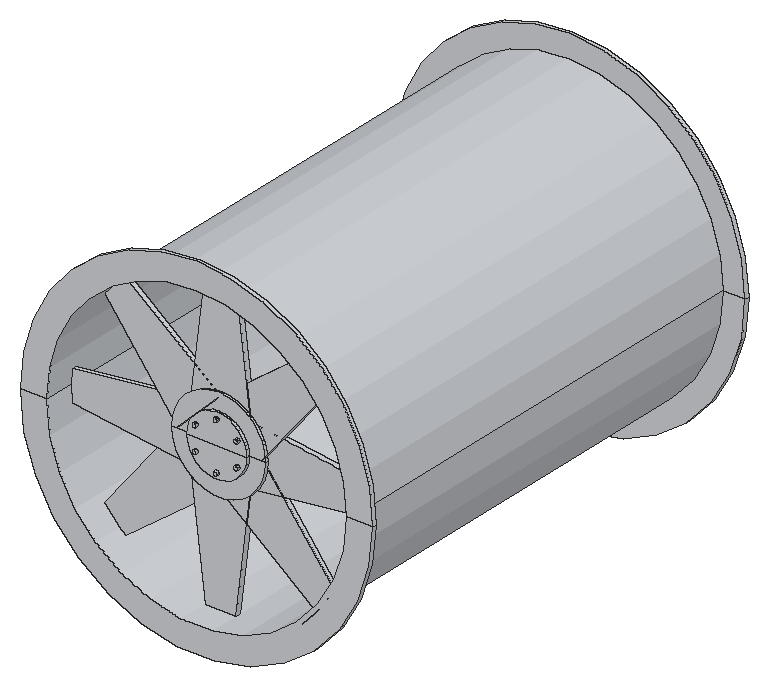
Revit family "CADS_Vent-Axia_MechEquip_Fan_BIFA_400_1Ph4P - SUPPLY", category Mechanical Equipment, Revit 2020
Family settings
  Round Connector Dimension = Use Diameter
  Part Type = Normal
  OmniClass Number = 23.75.00.00
  OmniClass Title = Climate Control (HVAC)
  Work Plane-Based = No
  Always vertical = Yes
  Cut with Voids When Loaded = No
  Shared = No
  Room Calculation Point = No
Parameters (values of type "BIFA401440")
  WorkingPressure = 0.0 Pa
  WarrantyStartDate [instance] = "1900-12-31T23:59:59"
  WarrantyPeriod = ""
  WarrantyIdentifier = "N/A"
  WarrantyGuarantorParts = "tech@vent-axia.com"
  WarrantyGuarantorLabor = "tech@vent-axia.com"
  WarrantyGuarantor = "Vent-Axia Limited"
  WarrantyEndDate [instance] = "1900-12-31T23:59:59"
  WarrantyContent = ""
  TemperatureRange = ""
  TagNumber [instance] = "N/A"
  SustainabilityPerformance = ""
  Status = "New"
  Size = ""
  Shape = ""
  ServiceLifeType = ""
  ServiceLifeDuration = ""
  SerialNumber [instance] = "N/A"
  ReplacementCost = ""
  RatedVoltage = 0 V
  RatedCurrent = 0 A
  Quantity = 1
  ProductionYear = ""
  PressureCurve = ""
  PowerFactor = ""
  PointOfContact = ""
  NumberOfPoles = 0
  NominalWidth = 400 mm
  NominalLength = 625 mm
  NominalHeight = 400 mm
  NominalFrequencyRange = ""
  NominalDiameter = 400 mm
  ModelReference = "BIF 400MM 1PH 4P 40DEG"
  ModelNumber = "BIFA401440"
  Material = ""
  ManufacturerE-Mail = "tech@vent-axia.com"
  ManufacturerAddress = "Fleming Way\nCrawley \nRH10 9YX"
  IsExtendedWarranty = no
  InsulationStandardClass = ""
  InstallationDate [instance] = "1900-12-31T23:59:59"
  IfcExportType [instance] = ""
  IfcExportAs = "IfcFanType"
  IP_Code = ""
  HasProtectiveEarth = no
  GrossWeight = 0.00 kg
  Grade = ""
  GlobalTradeItemNumber [instance] = "N/A"
  Fitting Type = "Ignore"
  Finish = ""
  Features = ""
  ExteriorInsulation = no
  ExpectedServiceLife = 0
  Exclusions = ""
  DurationUnit = "Year"
  Default Elevation = 0 mm
  Constituents = ""
  ConductorFunction = ""
  Color = ""
  CodePerformance = ""
  Category = ""
  CADS_Usage = 0
  CADS_Index = 0
  AssetType = "FIXED"
  AssetIdentifier [instance] = "N/A"
  AssemblyPlace = "UNKNOWN"
  ArticleNumber [instance] = "N/A"
  AirflowRateRange = 0.0 L/s
  Air Flow [instance] = 0.0 L/s
  AccessibilityPerformance = ""
Types (16, lengths in mm): name | ModelReference | ModelNumber
  BIFA401410 | "BIF 400MM 1PH 4P 10DEG" | "BIFA401410"
  BIFA401412 | "BIF 400MM 1PH 4P 12DEG" | "BIFA401412"
  BIFA401414 | "BIF 400MM 1PH 4P 14DEG" | "BIFA401414"
  BIFA401416 | "BIF 400MM 1PH 4P 16DEG" | "BIFA401416"
  BIFA401418 | "BIF 400MM 1PH 4P 18DEG" | "BIFA401418"
  BIFA401420 | "BIF 400MM 1PH 4P 20DEG" | "BIFA401420"
  BIFA401422 | "BIF 400MM 1PH 4P 22DEG" | "BIFA401422"
  BIFA401424 | "BIF 400MM 1PH 4P 24DEG" | "BIFA401424"
  BIFA401426 | "BIF 400MM 1PH 4P 26DEG" | "BIFA401426"
  BIFA401428 | "BIF 400MM 1PH 4P 28DEG" | "BIFA401428"
  BIFA401430 | "BIF 400MM 1PH 4P 30DEG" | "BIFA401430"
  BIFA401432 | "BIF 400MM 1PH 4P 32DEG" | "BIFA401432"
  BIFA401434 | "BIF 400MM 1PH 4P 34DEG" | "BIFA401434"
  BIFA401436 | "BIF 400MM 1PH 4P 36DEG" | "BIFA401436"
  BIFA401438 | "BIF 400MM 1PH 4P 38DEG" | "BIFA401438"
  BIFA401440 | "BIF 400MM 1PH 4P 40DEG" | "BIFA401440"
Reference planes
  plane 1 "Center (Front/Back)": y = 0
  plane 2: z = 0
  plane 3 "Center (Left/Right)": x = 0
  plane 4: x = -200
  plane 5: x = 200
  plane 6 "F": y = -312.5
  plane 7 "B": y = 312.5
  plane 8: x = -235
  plane 9: y = 307.5
  plane 10: y = -307.5
  plane 11: x = -205
  plane 12: y = -272.5
Forms (mm)
  Revolve 1, solid
    sketch origin (0, 0, 0) x (1, 0, 0) y (0, 1, 0)
      loop
        line (-235, -312.5) -> (-200, -312.5) -> (-200, 312.5) -> (-235, 312.5) -> (-235, 307.5) -> (-205, 307.5) -> (-205, -307.5) -> (-235, -307.5) -> (-235, -312.5)
      axis (0, 312.5) -> (0, -312.5)
    angle from 0 to 360
Dimensions and locks
  equal spacing: plane 4, plane 3 "Center (Left/Right)", plane 5
  equal spacing: plane 7 "B", plane 1 "Center (Front/Back)", plane 6 "F"
  "NominalLength": plane 7 "B" to plane 6 "F"
  "NominalDiameter": plane 4 to plane 5
  locked: plane 11 to plane 4 at 5
  locked: plane 8 to plane 11 at 30
  locked: plane 6 "F" to plane 10 at 5
  locked: plane 7 "B" to plane 9 at 5
  locked: plane 6 "F" to plane 12 at 40
  aligned and locked: level to plane 2
  aligned and locked: nested 1 to plane 12
Automatic sketch dimensions
  plane 6 "F" to Revolve 1 sketch curve = 0 mm
  Revolve 1 sketch curve to plane 8 = 0 mm  (x2)
  plane 10 to Revolve 1 sketch curve = 0 mm
  Revolve 1 sketch curve to plane 11 = 0 mm
  Revolve 1 sketch curve to plane 4 = 0 mm
  Revolve 1 sketch curve to plane 3 "Center (Left/Right)" = 0 mm
  plane 1 "Center (Front/Back)" to Revolve 1 sketch curve = 0 mm
  Revolve 1 sketch curve to plane 9 = 0 mm
  Revolve 1 sketch curve to plane 7 "B" = 0 mm
  plane 6 "F" to Revolve 1 sketch curve = 115 mm
Nested families
  nested 1: "Fan for BIFA" at (0, -272.5, 0), ND <- "NominalDiameter", type "Fan for BIFA"
    with hub 40 mm, ND 400 mm, BoltPCD 32 mm, Bolt Count 6, B_Diam 5 mm
  nested 2: "Bolts" at (27.713, -281.672, -16) x (-0.5, 0, -0.866) z (0, 1, 0), type "Bolts"
    with bd 5 mm
  nested 3: "Bolts" at (0, -281.672, -32) x (-1, 0, 0) z (0, 1, 0), type "Bolts"
    with bd 5 mm
  nested 4: "Bolts" at (-27.713, -281.672, -16) x (-0.5, 0, 0.866) z (0, 1, 0), type "Bolts"
    with bd 5 mm
  nested 5: "Bolts" at (-27.713, -281.672, 16) x (0.5, 0, 0.866) z (0, 1, 0), type "Bolts"
    with bd 5 mm
  nested 6: "Bolts" at (27.713, -281.672, 16) x (0.5, 0, -0.866) z (0, 1, 0), type "Bolts"
    with bd 5 mm
  nested 7: "Bolts" at (0, -281.672, 32) x (1, 0, 0) z (0, 1, 0), type "Bolts"
    with bd 5 mm
  nested 8: "BIFA Blade" at (0, -272.5, 0), type "BIFA Blade"
    with a 20.00°, HR 40 mm, HD 80 mm, BT 40 mm, BR 160 mm, BH 40 mm, BD 400 mm, BB 80 mm
  nested 9: "BIFA Blade" at (0, -272.5, 0) x (0.7071, 0, -0.7071) z (0.7071, 0, 0.7071), type "BIFA Blade"
    with a 20.00°, HR 40 mm, HD 80 mm, BT 40 mm, BR 160 mm, BH 40 mm, BD 400 mm, BB 80 mm
  nested 10: "BIFA Blade" at (0, -272.5, 0) x (0, 0, -1) z (1, 0, 0), type "BIFA Blade"
    with a 20.00°, HR 40 mm, HD 80 mm, BT 40 mm, BR 160 mm, BH 40 mm, BD 400 mm, BB 80 mm
  nested 11: "BIFA Blade" at (0, -272.5, 0) x (-0.7071, 0, -0.7071) z (0.7071, 0, -0.7071), type "BIFA Blade"
    with a 20.00°, HR 40 mm, HD 80 mm, BT 40 mm, BR 160 mm, BH 40 mm, BD 400 mm, BB 80 mm
  nested 12: "BIFA Blade" at (0, -272.5, 0) x (-1, 0, 0) z (0, 0, -1), type "BIFA Blade"
    with a 20.00°, HR 40 mm, HD 80 mm, BT 40 mm, BR 160 mm, BH 40 mm, BD 400 mm, BB 80 mm
  nested 13: "BIFA Blade" at (0, -272.5, 0) x (-0.7071, 0, -0.7071) z (-0.7071, 0, 0.7071), type "BIFA Blade"
    with a 20.00°, HR 40 mm, HD 80 mm, BT 40 mm, BR 160 mm, BH 40 mm, BD 400 mm, BB 80 mm
  nested 14: "BIFA Blade" at (0, -272.5, 0) x (0, 0, -1) z (-1, 0, 0), type "BIFA Blade"
    with a 20.00°, HR 40 mm, HD 80 mm, BT 40 mm, BR 160 mm, BH 40 mm, BD 400 mm, BB 80 mm
  nested 15: "BIFA Blade" at (0, -272.5, 0) x (0.7071, 0, -0.7071) z (-0.7071, 0, -0.7071), type "BIFA Blade"
    with a 20.00°, HR 40 mm, HD 80 mm, BT 40 mm, BR 160 mm, BH 40 mm, BD 400 mm, BB 80 mm
Connectors
  hvac at (0, -312.5, 0), driven by "NominalDiameter", driven by "Air Flow"
    settings: on Revolve 1, index 1, duct flow 0.0 L/s, flow factor 0, pres drop 0.0 Pa, loss coef 0, conn angle 0.00°, conn width 304.8 mm, conn height 304.8 mm, conn diameter 400 mm, duct sys type 1, conn prof type 0, flow config 1, flow direction 1, loss method 0, conn ref index -1, conn util no, is conn primary yes, conn desc ""
  hvac at (0, 312.5, 0), driven by "NominalDiameter", driven by "Air Flow"
    settings: on Revolve 1, index 2, duct flow 0.0 L/s, flow factor 0, pres drop 0.0 Pa, loss coef 0, conn angle 0.00°, conn width 304.8 mm, conn height 304.8 mm, conn diameter 400 mm, duct sys type 1, conn prof type 0, flow config 0, flow direction 2, loss method 0, conn ref index -1, conn util no, is conn primary no, conn desc ""
Definition of nested family "Fan for BIFA"
  Parameters (values of type "Fan for BIFA")
    hub [instance] = ND / 10  # 50 mm
    ND [instance] = 500 mm
    Model = "."
    Default Elevation = 0 mm
    BoltPCD [instance] = hub - (hub * 0.2)  # 40 mm
    Bolt Count [instance] = if(hub < 50 mm, 6, 8)  # 8
    B_Diam [instance] = if(hub < 50 mm, 5 mm, 10 mm)  # 10 mm
  Reference planes
    plane 1 "Center (Front/Back)": y = 0
    plane 2: z = 0
    plane 3 "Center (Left/Right)": x = 0
    plane 4 "back": y = 20
    plane 5 "bolts": y = -9.172
    plane 6 "B": z = 50
    plane 7: x = -72.587
    plane 8: x = -50
    plane 9 "hubface": y = -6.172
  Forms (mm)
    Revolve 1, solid
      sketch origin (0, 0, 0) x (1, 0, 0) y (0, 1, 0)
        loop
          line (0, 20) -> (-50, 20) -> (-50, 10.504) -> (-72.587, 10.504) -> (-72.587, -2.597) -> (-50, -2.597) -> (-50, -6.172) -> (0, -6.172) -> (0, 20)
        axis (0, 20) -> (0, -6.172)
      angle from 0 to 360
    Extrusion 2, solid, not visible
      sketch origin (0, -6.347, -4) x (-1, 0, 0) y (0, 0, 1)
        loop
          circle (0, 84) r 5
      from 0 to 3
  Lines and regions (mm)
    symbolic lines
      curve 1: circle (0, -9.172, 0) r 40 normal (0, 1, 0)
    model lines, not visible
      curve 2: line (0, -6.347, 85) -> (0, -6.347, 75)
  Dimensions and locks
    "hub": plane 6 "B" to plane 2
    "hub": nested 3 to plane 3 "Center (Left/Right)"
    "hub": nested 4 to plane 3 "Center (Left/Right)"
    "hub": nested 5 to plane 3 "Center (Left/Right)"
    "hub": plane 3 "Center (Left/Right)" to nested 6
    "hub": Revolve 1 sketch curve to Revolve 1 sketch curve
    "hub": plane 3 "Center (Left/Right)" to nested 7
    "hub": plane 3 "Center (Left/Right)" to nested 8
    "hub": plane 3 "Center (Left/Right)" to nested 9
    "hub": plane 8 to plane 3 "Center (Left/Right)"
    plane 7 to plane 8 = 22.587 mm
    diameter of Extrusion 2 sketch curve = 10 mm
    "BoltPCD": radius of curve 1
    "BoltPCD": radius of radial array
    aligned and locked: level to plane 2
    aligned and locked: plane 6 "B" to nested 1
  Automatic sketch dimensions
    Revolve 1 sketch curve to plane 7 = 0 mm
    Revolve 1 sketch curve to plane 8 = 0 mm  (x2)
    Revolve 1 sketch curve to plane 3 "Center (Left/Right)" = 0 mm
    Revolve 1 sketch curve to plane 9 "hubface" = 0 mm
    plane 4 "back" to Revolve 1 sketch curve = 0 mm
    plane 1 "Center (Front/Back)" to Revolve 1 sketch curve = 2.597 mm
    plane 4 "back" to Revolve 1 sketch curve = 9.496 mm
    plane 4 "back" to Revolve 1 sketch curve = 5 mm
    Revolve 1 sketch curve to Revolve 1 sketch curve = 45 mm
    curve 1 to level = 0 mm
    curve 1 to plane 3 "Center (Left/Right)" = 0 mm
  Nested families
    nested 1: "BIFA Blade" at (0, 0, 25), BD <- "ND", HD <- "hub", type "BIFA Blade"
      with a 20.00°, HR 25 mm, HD 50 mm, BT 25 mm, BR 100 mm, BH 40 mm, BD 250 mm, BB 50 mm
    nested 2: "BIFA Blade" at (0, 0, 55), BD <- "ND", HD <- "hub", type "BIFA Blade", not visible
      with a 20.00°, HR 25 mm, HD 50 mm, BT 25 mm, BR 100 mm, BH 40 mm, BD 250 mm, BB 50 mm
    nested 3: "BIFA Blade" at (17.678, 0, 17.678) x (0.7071, 0, -0.7071) z (0.7071, 0, 0.7071), BD <- "ND", HD <- "hub", type "BIFA Blade"
      with a 20.00°, HR 25 mm, HD 50 mm, BT 25 mm, BR 100 mm, BH 40 mm, BD 250 mm, BB 50 mm
    nested 4: "BIFA Blade" at (25, 0, 0) x (0, 0, -1) z (1, 0, 0), BD <- "ND", HD <- "hub", type "BIFA Blade"
      with a 20.00°, HR 25 mm, HD 50 mm, BT 25 mm, BR 100 mm, BH 40 mm, BD 250 mm, BB 50 mm
    nested 5: "BIFA Blade" at (17.678, 0, -17.678) x (-0.7071, 0, -0.7071) z (0.7071, 0, -0.7071), BD <- "ND", HD <- "hub", type "BIFA Blade"
      with a 20.00°, HR 25 mm, HD 50 mm, BT 25 mm, BR 100 mm, BH 40 mm, BD 250 mm, BB 50 mm
    nested 6: "BIFA Blade" at (0, 0, -25) x (-1, 0, 0) z (0, 0, -1), BD <- "ND", HD <- "hub", type "BIFA Blade"
      with a 20.00°, HR 25 mm, HD 50 mm, BT 25 mm, BR 100 mm, BH 40 mm, BD 250 mm, BB 50 mm
    nested 7: "BIFA Blade" at (-17.678, 0, 17.678) x (-0.7071, 0, -0.7071) z (-0.7071, 0, 0.7071), BD <- "ND", HD <- "hub", type "BIFA Blade"
      with a 20.00°, HR 25 mm, HD 50 mm, BT 25 mm, BR 100 mm, BH 40 mm, BD 250 mm, BB 50 mm
    nested 8: "BIFA Blade" at (-25, 0, 0) x (0, 0, -1) z (-1, 0, 0), BD <- "ND", HD <- "hub", type "BIFA Blade"
      with a 20.00°, HR 25 mm, HD 50 mm, BT 25 mm, BR 100 mm, BH 40 mm, BD 250 mm, BB 50 mm
    nested 9: "BIFA Blade" at (-17.678, 0, -17.678) x (0.7071, 0, -0.7071) z (-0.7071, 0, -0.7071), BD <- "ND", HD <- "hub", type "BIFA Blade"
      with a 20.00°, HR 25 mm, HD 50 mm, BT 25 mm, BR 100 mm, BH 40 mm, BD 250 mm, BB 50 mm
    nested 10: "Bolts" at (0, -9.172, 40) x (1, 0, 0) z (0, 1, 0), bd <- "B_Diam", type "Bolts"
      with bd 10 mm
    nested 11: "Bolts" at (28.284, -9.172, 28.284) x (0.7071, 0, -0.7071) z (0, 1, 0), bd <- "B_Diam", type "Bolts"
      with bd 10 mm
    nested 12: "Bolts" at (-28.284, -9.172, 28.284) x (0.7071, 0, 0.7071) z (0, 1, 0), bd <- "B_Diam", type "Bolts"
      with bd 10 mm
    nested 13: "Bolts" at (-40, -9.172, 0) x (0, 0, 1) z (0, 1, 0), bd <- "B_Diam", type "Bolts"
      with bd 10 mm
    nested 14: "Bolts" at (-28.284, -9.172, -28.284) x (-0.7071, 0, 0.7071) z (0, 1, 0), bd <- "B_Diam", type "Bolts"
      with bd 10 mm
    nested 15: "Bolts" at (0, -9.172, -40) x (-1, 0, 0) z (0, 1, 0), bd <- "B_Diam", type "Bolts"
      with bd 10 mm
    nested 16: "Bolts" at (28.284, -9.172, -28.284) x (-0.7071, 0, -0.7071) z (0, 1, 0), bd <- "B_Diam", type "Bolts"
      with bd 10 mm
    nested 17: "Bolts" at (40, -9.172, 0) x (0, 0, -1) z (0, 1, 0), bd <- "B_Diam", type "Bolts"
      with bd 10 mm
  Definition of nested family "BIFA Blade"
    Parameters (values of type "BIFA Blade")
      a [instance] = 20.00°
      HR [instance] = HD / 2  # 30 mm
      HD [instance] = BD / 5  # 60 mm
      Default Elevation = 1219.2 mm
      BT [instance] = BD / 10  # 30 mm
      BR [instance] = (BD / 2) - HR  # 120 mm
      BH [instance] = 40 mm
      BD [instance] = 300 mm
      BB [instance] = BD / 5  # 60 mm
    Reference planes
      plane 1 "Center (Front/Back)": y = 0
      plane 2: z = 0
      plane 3 "Center (Left/Right)": x = 0
      plane 4 "Blade Bot": z = 30
      plane 5: x = -30
      plane 6: x = 30
      plane 7: x = -15
      plane 8: x = 15
    Forms (mm)
      Blend 1, solid
        base sketch origin (0, 0, 30) x (-1, 0, 0) y (0, -1, 0)
          loop
            line (30, 0) -> (-30, 0) -> (-30, -6) -> (30, -6) -> (30, 0)
        top sketch origin (0, 0, 30) x (-1, 0, 0) y (0, -1, 0)
          loop
            line (15, -6) -> (15, 0) -> (-15, 0) -> (-15, -6) -> (15, -6)
        from 0 to 120 <- "BR"
    Dimensions and locks
      "HR": plane 4 "Blade Bot" to level
      equal spacing: plane 8, plane 3 "Center (Left/Right)", plane 7
      "BT": plane 8 to plane 7
      equal spacing: plane 6, plane 3 "Center (Left/Right)", plane 5
      "BB": plane 6 to plane 5
      aligned and locked: level to plane 2
    Automatic sketch dimensions
      plane 1 "Center (Front/Back)" to Blend 1 sketch curve = 0 mm  (x2)
      Blend 1 sketch curve to plane 6 = 0 mm
      Blend 1 sketch curve to plane 5 = 0 mm
      Blend 1 sketch curve to plane 1 "Center (Front/Back)" = 6 mm  (x2)
      Blend 1 sketch curve to plane 8 = 0 mm
      Blend 1 sketch curve to plane 7 = 0 mm
  Definition of nested family "Bolts"
    Parameters
      bd [instance] = 10 mm
      Default Elevation = 1219.2 mm
    Reference planes
      plane 1 "Center (Front/Back)": y = 0
      plane 2: z = 0
      plane 3 "Center (Left/Right)": x = 0
    Forms (mm)
      Extrusion 1, solid
        sketch origin (0, 0, 0) x (1, 0, 0) y (0, 1, 0)
          loop
            line (-1219.2, 1219.2) -> (-1219.2, -1219.2) -> (1219.2, -1219.2) -> (1219.2, 1219.2) -> (-1219.2, 1219.2)
        from 0 to -304.8
      Extrusion 2, solid
        sketch origin (0, 0, 0) x (1, 0, 0) y (0, 1, 0)
          loop
            circle (0, 0) r 5
        from 0 to 3
    Dimensions and locks
      "bd": diameter of Extrusion 2 sketch curve
      aligned and locked: plane 2 to Extrusion 1
      aligned and locked: level to Extrusion 1
    Automatic sketch dimensions
      Extrusion 1 sketch curve to Extrusion 1 sketch curve = 2438.4 mm  (x2)
      plane 1 "Center (Front/Back)" to Extrusion 2 sketch curve = 0 mm
      Extrusion 2 sketch curve to plane 3 "Center (Left/Right)" = 0 mm
Definition of nested family "Bolts"
  Parameters
    bd [instance] = 10 mm
    Default Elevation = 1219.2 mm
  Reference planes
    plane 1 "Center (Front/Back)": y = 0
    plane 2: z = 0
    plane 3 "Center (Left/Right)": x = 0
  Forms (mm)
    Extrusion 1, solid
      sketch origin (0, 0, 0) x (1, 0, 0) y (0, 1, 0)
        loop
          line (-1219.2, 1219.2) -> (-1219.2, -1219.2) -> (1219.2, -1219.2) -> (1219.2, 1219.2) -> (-1219.2, 1219.2)
      from 0 to -304.8
    Extrusion 2, solid
      sketch origin (0, 0, 0) x (1, 0, 0) y (0, 1, 0)
        loop
          circle (0, 0) r 5
      from 0 to 3
  Dimensions and locks
    "bd": diameter of Extrusion 2 sketch curve
    aligned and locked: plane 2 to Extrusion 1
    aligned and locked: level to Extrusion 1
  Automatic sketch dimensions
    Extrusion 1 sketch curve to Extrusion 1 sketch curve = 2438.4 mm  (x2)
    plane 1 "Center (Front/Back)" to Extrusion 2 sketch curve = 0 mm
    Extrusion 2 sketch curve to plane 3 "Center (Left/Right)" = 0 mm
Definition of nested family "BIFA Blade"
  Parameters (values of type "BIFA Blade")
    a [instance] = 20.00°
    HR [instance] = HD / 2  # 30 mm
    HD [instance] = BD / 5  # 60 mm
    Default Elevation = 1219.2 mm
    BT [instance] = BD / 10  # 30 mm
    BR [instance] = (BD / 2) - HR  # 120 mm
    BH [instance] = 40 mm
    BD [instance] = 300 mm
    BB [instance] = BD / 5  # 60 mm
  Reference planes
    plane 1 "Center (Front/Back)": y = 0
    plane 2: z = 0
    plane 3 "Center (Left/Right)": x = 0
    plane 4 "Blade Bot": z = 30
    plane 5: x = -30
    plane 6: x = 30
    plane 7: x = -15
    plane 8: x = 15
  Forms (mm)
    Blend 1, solid
      base sketch origin (0, 0, 30) x (-1, 0, 0) y (0, -1, 0)
        loop
          line (30, 0) -> (-30, 0) -> (-30, -6) -> (30, -6) -> (30, 0)
      top sketch origin (0, 0, 30) x (-1, 0, 0) y (0, -1, 0)
        loop
          line (15, -6) -> (15, 0) -> (-15, 0) -> (-15, -6) -> (15, -6)
      from 0 to 120 <- "BR"
  Dimensions and locks
    "HR": plane 4 "Blade Bot" to level
    equal spacing: plane 8, plane 3 "Center (Left/Right)", plane 7
    "BT": plane 8 to plane 7
    equal spacing: plane 6, plane 3 "Center (Left/Right)", plane 5
    "BB": plane 6 to plane 5
    aligned and locked: level to plane 2
  Automatic sketch dimensions
    plane 1 "Center (Front/Back)" to Blend 1 sketch curve = 0 mm  (x2)
    Blend 1 sketch curve to plane 6 = 0 mm
    Blend 1 sketch curve to plane 5 = 0 mm
    Blend 1 sketch curve to plane 1 "Center (Front/Back)" = 6 mm  (x2)
    Blend 1 sketch curve to plane 8 = 0 mm
    Blend 1 sketch curve to plane 7 = 0 mm
